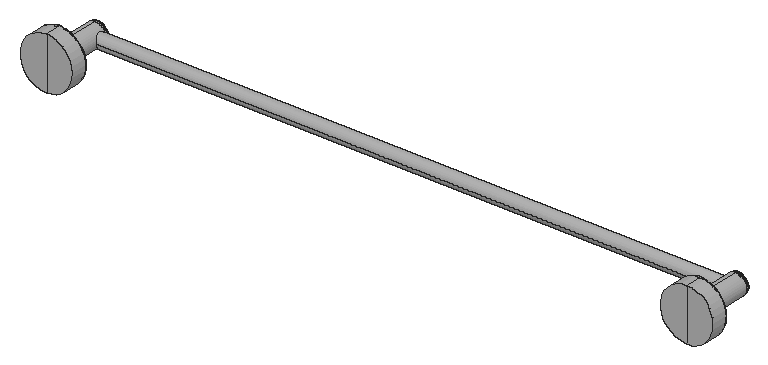
Revit family "TO6100001_Kit por 6 Accesorios Torino (Toallero)", category Plumbing Fixtures, Revit 2019
Family settings
  Round Connector Dimension = Use Diameter
  Part Type = Normal
  OmniClass Number = 23.19.25.13.21.17
  OmniClass Title = Fittings
  Work Plane-Based = No
  Always vertical = Yes
  Cut with Voids When Loaded = No
  Shared = No
  Room Calculation Point = No
Parameters
  Uso = "Residencial"  # constant formula
  URL = "https://corona.co/productos/accesorios/kit-por-6-accesorios-torino/p/TO6100001"
  Resistencia = "Resistente a la corrosión pelado y decoloración por agua, Resistencia al peso general hasta 9 kg, Resistencia al peso del toallero barra hasta 23 kg"  # constant formula
  Número de piezas = "6"  # constant formula
  Materiales = "Cromado"  # constant formula
  Material = Corona_Cromo
  Línea = "Torino"  # constant formula
  Garantías de otros componentes = "2 años en acabados"  # constant formula
  Garantía = "30 años en estructura"  # constant formula
  Fecha de creación = "19/08/2020"  # constant formula
  Description = "Accesorios con un diseño robusto y funcional que le ofrecerán a tu baño lo que necesitaba."  # constant formula
  Creado por = "IDD"  # constant formula
  Componentes = "Percha, Toallero, Jabonera, Barra, Cepillera, Portarrollo"  # constant formula
  Colección = "Gama Media 2010"  # constant formula
  Acabado = "Cromado"  # constant formula
Reference planes
  plane 1 "Center (Front/Back)": y = 0
  plane 2: z = 0
  plane 3 "Center (Left/Right)": x = 0
Forms (mm)
  Extrusion 1, solid, material "Corona_Cromo" <- "Material", detail levels coarse
    sketch origin (0, 0, 0) x (1, 0, 0) y (0, 1, 0)
      loop
        line (-238.383, 0) -> (256.497, 0) -> (256.497, 47.016) -> (-238.383, 47.016) -> (-238.383, 0)
    from 0 to 37.645
  Revolve 2, solid, material "Corona_Cromo" <- "Material", detail levels medium+fine
    sketch origin (-218.818, 219.762, 18.681) x (0, 1, 0) y (0, 0, 1)
      loop
        line (-219.762, 0) -> (-173.843, 0) -> (-173.843, 6.599)
        arc (-173.843, 6.599) -> (-173.999, 7.094) -> (-174.41, 7.409) r 0.862
        line (-174.41, 7.409) -> (-175.351, 7.592)
        arc (-175.351, 7.592) -> (-175.863, 7.666) -> (-176.379, 7.691) r 5.388
        line (-176.379, 7.691) -> (-207.506, 7.691) -> (-207.506, 17.95)
        arc (-207.506, 17.95) -> (-207.72, 18.467) -> (-208.237, 18.681) r 0.731
        line (-208.237, 18.681) -> (-219.762, 18.681) -> (-219.762, 0)
      axis (-219.762, 0) -> (-173.843, 0)
    angle from 0 to 360
  Extrusion 3, solid, material "Corona_Cromo" <- "Material", detail levels medium+fine
    sketch origin (-218.818, 555.612, -494.99) x (0, 1, 0) y (0, 0, 1)
      loop
        circle (-516.485, 513.801) r 5
    from 0 to 451.601
  Revolve 4, solid, material "Corona_Cromo" <- "Material", detail levels medium+fine
    sketch origin (237.182, 219.762, 18.681) x (0, 1, 0) y (0, 0, 1)
      loop
        line (-219.762, 0) -> (-173.843, 0) -> (-173.843, 6.599)
        arc (-173.843, 6.599) -> (-173.999, 7.094) -> (-174.41, 7.409) r 0.862
        line (-174.41, 7.409) -> (-175.351, 7.592)
        arc (-175.351, 7.592) -> (-175.863, 7.666) -> (-176.379, 7.691) r 5.388
        line (-176.379, 7.691) -> (-207.506, 7.691) -> (-207.506, 17.95)
        arc (-207.506, 17.95) -> (-207.72, 18.467) -> (-208.237, 18.681) r 0.731
        line (-208.237, 18.681) -> (-219.762, 18.681) -> (-219.762, 0)
      axis (-219.762, 0) -> (-173.843, 0)
    angle from 0 to 360
Dimensions and locks
  aligned and locked: level to plane 2
